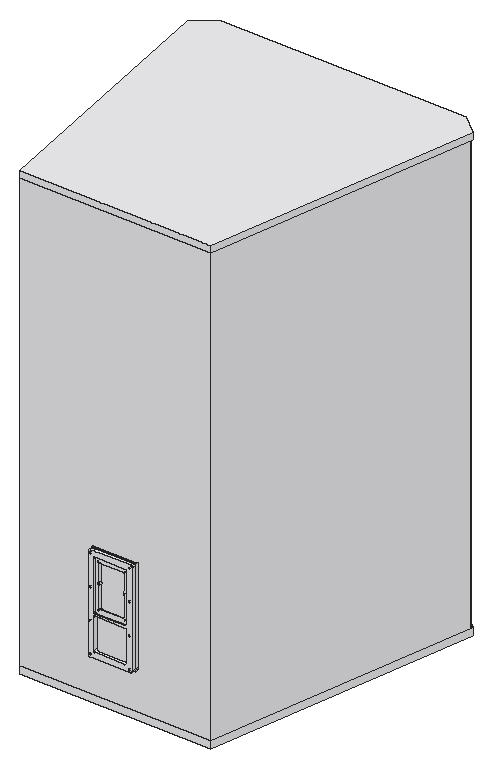
Revit family "EVC-1152-95", category Communication Devices, Revit 2017 (continued)
Definition of nested family "InputPanel_small"
  Lines and regions (mm)
    model lines
      curve 1113: line (-27.412, -4.337, 28.798) -> (-27.982, -4.337, 28.799)
      curve 1114: line (-27.982, -4.337, 28.799) -> (-25.944, -4.337, 31.286)
      curve 1115: line (-22.849, -4.337, 23.874) -> (-22.85, -4.337, 20.831)
      curve 1116: line (-22.85, -4.337, 20.831) -> (-17.426, -4.337, 20.83)
      curve 1117: line (-17.426, -4.337, 20.83) -> (-17.423, -4.337, 46.056)
      curve 1118: line (-17.423, -4.337, 46.056) -> (-22.846, -4.337, 46.056)
      curve 1119: line (-22.846, -4.337, 46.056) -> (-24.27, -4.337, 46.056)
      curve 1120: line (-24.27, -4.337, 46.056) -> (-21.157, -4.337, 46.184)
      curve 1121: line (-21.157, -4.337, 46.184) -> (-21.035, -4.337, 46.361)
      curve 1122: line (-24.273, -4.337, 20.831) -> (-22.85, -4.337, 20.831)
      curve 1123: line (-16.642, -4.337, 39.451) -> (-16.643, -4.337, 33.939)
      curve 1124: line (-16.643, -4.337, 33.939) -> (-12.428, -4.337, 33.939)
      curve 1125: line (-12.428, -4.337, 33.939) -> (-12.427, -4.337, 39.451)
      curve 1126: line (-12.427, -4.337, 39.451) -> (-16.642, -4.337, 39.451)
      curve 1127: line (-12.427, -4.337, 40.047) -> (-12.426, -4.337, 45.558)
      curve 1128: line (-12.426, -4.337, 45.558) -> (-16.641, -4.337, 45.559)
      curve 1129: line (-16.641, -4.337, 45.559) -> (-16.642, -4.337, 40.047)
      curve 1130: line (-16.642, -4.337, 40.047) -> (-12.427, -4.337, 40.047)
      curve 1131: line (-17.1, -4.337, 20.83) -> (-17.097, -4.337, 46.055)
      curve 1132: line (-17.097, -4.337, 46.055) -> (-11.97, -4.337, 46.055)
      curve 1133: line (-11.97, -4.337, 46.055) -> (-11.974, -4.337, 20.83)
      curve 1134: line (-11.974, -4.337, 20.83) -> (-17.1, -4.337, 20.83)
      curve 1135: line (-17.1, -4.337, 20.83) -> (-17.426, -4.337, 20.83)
      curve 1136: line (-16.644, -4.337, 26.839) -> (-16.644, -4.337, 21.327)
      curve 1137: line (-16.644, -4.337, 21.327) -> (-12.429, -4.337, 21.326)
      curve 1138: line (-12.429, -4.337, 21.326) -> (-12.428, -4.337, 26.838)
      curve 1139: line (-12.428, -4.337, 26.838) -> (-16.644, -4.337, 26.839)
      curve 1140: line (-12.428, -4.337, 27.434) -> (-12.428, -4.337, 32.946)
      curve 1141: line (-12.428, -4.337, 32.946) -> (-16.643, -4.337, 32.946)
      curve 1142: line (-16.643, -4.337, 32.946) -> (-16.644, -4.337, 27.434)
      curve 1143: line (-16.644, -4.337, 27.434) -> (-12.428, -4.337, 27.434)
      curve 1144: line (-17.097, -4.337, 46.055) -> (-17.423, -4.337, 46.056)
      curve 1145: line (-17.423, -4.337, 46.056) -> (-14.161, -4.337, 46.183)
      curve 1146: line (-14.161, -4.337, 46.183) -> (-14.039, -4.337, 46.36)
      curve 1147: line (-14.039, -4.337, 46.36) -> (-17.172, -4.337, 46.36)
      curve 1148: line (-17.172, -4.337, 46.36) -> (-17.294, -4.337, 46.183)
      curve 1149: line (-16.642, -4.337, 38.284) -> (-15.234, -4.337, 38.284)
      curve 1150: line (-15.234, -4.337, 38.284) -> (-14.908, -4.337, 38.972)
      curve 1151: line (-14.908, -4.337, 38.972) -> (-14.523, -4.337, 39.451)
      curve 1152: line (-16.644, -4.337, 25.672) -> (-15.235, -4.337, 25.671)
      curve 1153: line (-15.235, -4.337, 25.671) -> (-14.91, -4.337, 26.36)
      curve 1154: line (-14.91, -4.337, 26.36) -> (-14.525, -4.337, 26.838)
      curve 1155: line (-16.644, -4.337, 28.601) -> (-15.235, -4.337, 28.601)
      curve 1156: line (-15.235, -4.337, 28.601) -> (-14.91, -4.337, 27.913)
      curve 1157: line (-14.91, -4.337, 27.913) -> (-14.525, -4.337, 27.434)
      curve 1158: line (-16.642, -4.337, 41.214) -> (-15.234, -4.337, 41.214)
      curve 1159: line (-15.234, -4.337, 41.214) -> (-14.908, -4.337, 40.526)
      curve 1160: line (-14.908, -4.337, 40.526) -> (-14.523, -4.337, 40.047)
      curve 1161: line (-16.643, -4.337, 31.978) -> (-15.235, -4.337, 31.978)
      curve 1162: line (-15.235, -4.337, 31.978) -> (-14.909, -4.337, 32.666)
      curve 1163: line (-14.909, -4.337, 32.666) -> (-14.684, -4.337, 32.946)
      curve 1164: line (-16.642, -4.337, 44.591) -> (-15.233, -4.337, 44.59)
      curve 1165: line (-15.233, -4.337, 44.59) -> (-14.908, -4.337, 45.278)
      curve 1166: line (-14.908, -4.337, 45.278) -> (-14.682, -4.337, 45.559)
      curve 1167: line (-16.643, -4.337, 34.908) -> (-15.234, -4.337, 34.907)
      curve 1168: line (-15.234, -4.337, 34.907) -> (-14.909, -4.337, 34.219)
      curve 1169: line (-14.684, -4.337, 33.939) -> (-14.909, -4.337, 34.219)
      curve 1170: line (-14.909, -4.337, 34.219) -> (-14.908, -4.337, 38.972)
      curve 1171: line (-16.644, -4.337, 22.295) -> (-15.236, -4.337, 22.295)
      curve 1172: line (-15.236, -4.337, 22.295) -> (-14.911, -4.337, 21.607)
      curve 1173: line (-14.911, -4.337, 21.607) -> (-14.91, -4.337, 26.36)
      curve 1174: line (-14.685, -4.337, 21.327) -> (-14.911, -4.337, 21.607)
      curve 1175: line (-15.235, -4.337, 28.601) -> (-15.235, -4.337, 31.978)
      curve 1176: line (-15.234, -4.337, 41.214) -> (-15.233, -4.337, 44.59)
      curve 1177: line (-15.235, -4.337, 25.671) -> (-15.236, -4.337, 22.295)
      curve 1178: line (-15.234, -4.337, 38.284) -> (-15.234, -4.337, 34.907)
      curve 1179: line (-17.172, -4.337, 46.36) -> (-17.172, -4.337, 46.622)
      curve 1180: line (-17.172, -4.337, 46.622) -> (-14.039, -4.337, 46.621)
      curve 1181: line (-14.039, -4.337, 46.621) -> (-14.039, -4.337, 46.36)
      curve 1182: line (-17.172, -4.337, 46.622) -> (-17.753, -4.337, 46.622)
      curve 1183: line (-17.753, -4.337, 46.622) -> (-17.753, -4.337, 46.36)
      curve 1184: line (-17.753, -4.337, 46.36) -> (-17.631, -4.337, 46.183)
      curve 1185: line (-13.525, -4.337, 40.047) -> (-13.524, -4.337, 45.558)
      curve 1186: line (-13.527, -4.337, 27.434) -> (-13.526, -4.337, 32.946)
      curve 1187: line (-13.527, -4.337, 21.326) -> (-13.527, -4.337, 26.838)
      curve 1188: line (-13.526, -4.337, 33.939) -> (-13.525, -4.337, 39.451)
      curve 1189: line (-14.91, -4.337, 27.913) -> (-14.909, -4.337, 32.666)
      curve 1190: line (-14.908, -4.337, 40.526) -> (-14.908, -4.337, 45.278)
      curve 1191: line (-24.168, -4.337, 46.361) -> (-24.29, -4.337, 46.184)
      curve 1192: line (-24.168, -4.337, 46.622) -> (-24.168, -4.337, 46.361)
      curve 1193: line (-24.168, -4.337, 46.361) -> (-21.035, -4.337, 46.361)
      curve 1194: line (-21.035, -4.337, 46.361) -> (-21.035, -4.337, 46.622)
      curve 1195: line (-21.035, -4.337, 46.622) -> (-24.168, -4.337, 46.622)
      curve 1196: line (-24.168, -4.337, 46.622) -> (-24.749, -4.337, 46.623)
      curve 1197: line (-24.749, -4.337, 46.623) -> (-24.749, -4.337, 46.361)
      curve 1198: line (-24.749, -4.337, 46.361) -> (-24.627, -4.337, 46.184)
      curve 1199: line (-50.251, -4.337, 21.031) -> (-50.248, -4.337, 45.862)
      curve 1200: line (-50.193, -4.337, 45.807) -> (-50.196, -4.337, 21.086)
      curve 1201: line (-49.239, -4.337, 46.871) -> (-11.796, -4.337, 46.867)
      curve 1202: line (-11.851, -4.337, 46.812) -> (-49.184, -4.337, 46.816)
      curve 1203: line (-10.787, -4.337, 45.858) -> (-10.79, -4.337, 21.027)
      curve 1204: line (-10.79, -4.337, 21.029) -> (-10.842, -4.337, 45.803)
      curve 1205: line (-11.799, -4.337, 20.018) -> (-49.243, -4.337, 20.022)
      curve 1206: line (-49.188, -4.337, 20.077) -> (-11.854, -4.337, 20.073)
      curve 1207: line (-32.649, -4.337, 30.292) -> (-31.03, -4.337, 30.291)
      curve 1208: line (-31.03, -4.337, 30.291) -> (-30.696, -4.337, 30.291)
      curve 1209: line (-32.65, -4.337, 23.985) -> (-31.031, -4.337, 23.985)
      curve 1210: line (-31.031, -4.337, 23.985) -> (-30.698, -4.337, 23.985)
      curve 1211: line (-32.649, -4.337, 36.598) -> (-31.029, -4.337, 36.598)
      curve 1212: line (-31.029, -4.337, 36.598) -> (-30.696, -4.337, 36.598)
      curve 1213: line (-32.648, -4.337, 42.904) -> (-31.028, -4.337, 42.904)
      curve 1214: line (-31.028, -4.337, 42.904) -> (-30.695, -4.337, 42.904)
      curve 1215: line (-28.39, -4.337, 36.597) -> (-30.009, -4.337, 36.598)
      curve 1216: line (-30.009, -4.337, 36.598) -> (-30.343, -4.337, 36.598)
      curve 1217: line (-28.389, -4.337, 42.904) -> (-30.008, -4.337, 42.904)
      curve 1218: line (-30.008, -4.337, 42.904) -> (-30.341, -4.337, 42.904)
      curve 1219: line (-28.39, -4.337, 30.291) -> (-30.01, -4.337, 30.291)
      curve 1220: line (-30.01, -4.337, 30.291) -> (-30.343, -4.337, 30.291)
      curve 1221: line (-28.391, -4.337, 23.985) -> (-30.011, -4.337, 23.985)
      curve 1222: line (-30.011, -4.337, 23.985) -> (-30.344, -4.337, 23.985)
Definition of nested family "L-EV"
  Parameters (values of type "L-EV")
    Material = ""
    Default Elevation = 1219.20 mm
  Reference planes
    plane 1 "Center (Front/Back)": y = 0
    plane 2: z = 0
    plane 3 "Center (Left/Right)": x = 0
  Forms (mm)
    Extrusion 1, solid, not visible
      sketch origin (18.736, -0.5, -73.012) x (1, 0, 0) y (0, 0, 1)
        loop
          arc (-38.866, 94.012) -> (-39.481, 93.758) -> (-39.736, 93.143) r 0.869
          line (-39.736, 93.143) -> (-39.736, 52.882)
          arc (-39.736, 52.882) -> (-39.481, 52.267) -> (-38.866, 52.012) r 0.869
          line (-38.866, 52.012) -> (1.395, 52.012)
          arc (1.395, 52.012) -> (2.01, 52.267) -> (2.264, 52.882) r 0.869
          line (2.264, 52.882) -> (2.264, 93.143)
          arc (2.264, 93.143) -> (2.01, 93.758) -> (1.395, 94.012) r 0.869
          line (1.395, 94.012) -> (-38.866, 94.012)
      from 0 to -0.5
    Extrusion 2, solid, detail levels fine
      sketch origin (18.736, 4, -73.24) x (1, 0, 0) y (0, 0, 1)
        loop
          line (-37.736, 92.24) -> (-37.736, 54.24) -> (0.264, 54.24) -> (0.264, 92.24) -> (-37.736, 92.24)
        loop
          line (-33.659, 85.319) -> (-33.659, 66.596) -> (-21.783, 66.596) -> (-21.783, 70.665) -> (-29.2, 70.665) -> (-29.2, 73.924) -> (-21.783, 73.924) -> (-21.783, 77.992) -> (-29.2, 77.992) -> (-29.2, 81.251) -> (-21.783, 81.251) -> (-21.783, 85.319) -> (-33.659, 85.319)
        loop
          line (-20.026, 77.992) -> (-20.026, 73.924) -> (-17.153, 73.924) -> (-17.153, 59.688) -> (-12.74, 59.688) -> (-2.619, 82.277) -> (-7.421, 82.277) -> (-12.694, 70.408) -> (-12.694, 77.992) -> (-20.026, 77.992)
      from 4.5 to 5
    Extrusion 3, solid, detail levels medium+fine
      sketch origin (0, 0, 0) x (1, 0, 0) y (0, 0, 1)
        loop
          line (19.816, 21) -> (-19.816, 21)
          arc (-19.816, 21) -> (-20.653, 20.653) -> (-21, 19.816) r 1.184
          line (-21, 19.816) -> (-21, -19.816)
          arc (-21, -19.816) -> (-20.653, -20.653) -> (-19.816, -21) r 1.184
          line (-19.816, -21) -> (19.816, -21)
          arc (19.816, -21) -> (20.653, -20.653) -> (21, -19.816) r 1.184
          line (21, -19.816) -> (21, 19.816)
          arc (21, 19.816) -> (20.653, 20.653) -> (19.816, 21) r 1.184
      from -1 to 0.5
Definition of nested family "2D_CabinetLoudspeaker"
  Parameters (values of type "LoudSpeaker")
    Pan2D [instance] = 0.00°
  Reference planes
    plane 1: y = 0
    plane 2: x = 0
  Lines and regions (mm)
    Masking region 1
      outline origin (0, 0, 0) x (0, -1, 0) y (1, 0, 0)
        loop
          circle (0, 0) r 4.2
    detail lines
      curve 1: line (1.484, 2.897, 0) -> (1.484, 1.008, 0)
      curve 2: line (-1.484, 2.897, 0) -> (1.484, 2.897, 0)
      curve 3: line (-1.484, 1.008, 0) -> (-1.484, 2.897, 0)
      curve 4: line (1.484, 1.008, 0) -> (3.102, -1.911, 0)
      curve 5: line (3.102, -1.911, 0) -> (-3.102, -1.911, 0)
      curve 6: line (-3.102, -1.911, 0) -> (-1.484, 1.008, 0)
      curve 8: line (-1.484, 1.008, 0) -> (1.484, 1.008, 0)
    reference lines
      curve 7: line (0, 0, 0) -> (0, -10.967, 0)
  Dimensions and locks
    "Pan2D": angle curve 7 to plane 2
    aligned and locked: curve 8 to curve 4
    aligned and locked: curve 8 to curve 3
    aligned and locked: curve 1 to curve 8
    aligned and locked: curve 6 to curve 8
    aligned and locked: plane 2 to curve 7
    aligned and locked: plane 1 to curve 7
  Automatic sketch dimensions
    Masking region 1 sketch curve to curve 7 = 0.00 mm  (x2)
    curve 3 to curve 7 = 2.897 mm
    curve 3 to curve 7 = 1.008 mm
    curve 4 to curve 7 = 1.008 mm
    curve 7 to curve 5 = 1.911 mm
    curve 6 to curve 7 = 3.102 mm
    curve 7 to curve 2 = 1.484 mm
    curve 7 to curve 1 = 1.484 mm
    curve 7 to curve 4 = 3.102 mm
    radius of Masking region 1 sketch curve = 4.20 mm
Types (5, lengths in mm): name | ModelNumber | MaterialRALColour | LoudspeakerMaterial | GrillMaterial | CTN
  (no name) | "F.01U.329.296" | "RAL9010" | 13-plyWeather-resistantBirchEVCoat -RAL9010 | 16GA Powder-coatedGalvanneal - W | "EVC115295W"
  EVC115295B_15"_Speaker_90x55_Black | "F.01U.329.295" | "RAL9004" | 13-plyWeather-resistantBirchEVCoat -RAL9004 | 16GA Powder-coatedGalvanneal - B | "EVC115295B"
  EVC115295PIB_15"_Speaker_90x55_Black | "F.01U.329.297" | "RAL9004" | 13-plyWeather-resistantBirchEVCoat -RAL9004 | 16GA Powder-coatedGalvanneal - B | "EVC115295PIB"
  EVC115295W_15"_Speaker_90x55_White | "F.01U.329.296" | "RAL9010" | 13-plyWeather-resistantBirchEVCoat -RAL9010 | 16GA Powder-coatedGalvanneal - W | "EVC115295W"
  EVC115295PIW_15"_Speaker_90x55_White | "F.01U.329.299" | "RAL9010" | 13-plyWeather-resistantBirchEVCoat -RAL9010 | 16GA Powder-coatedGalvanneal - W | "EVC115295PIW"
